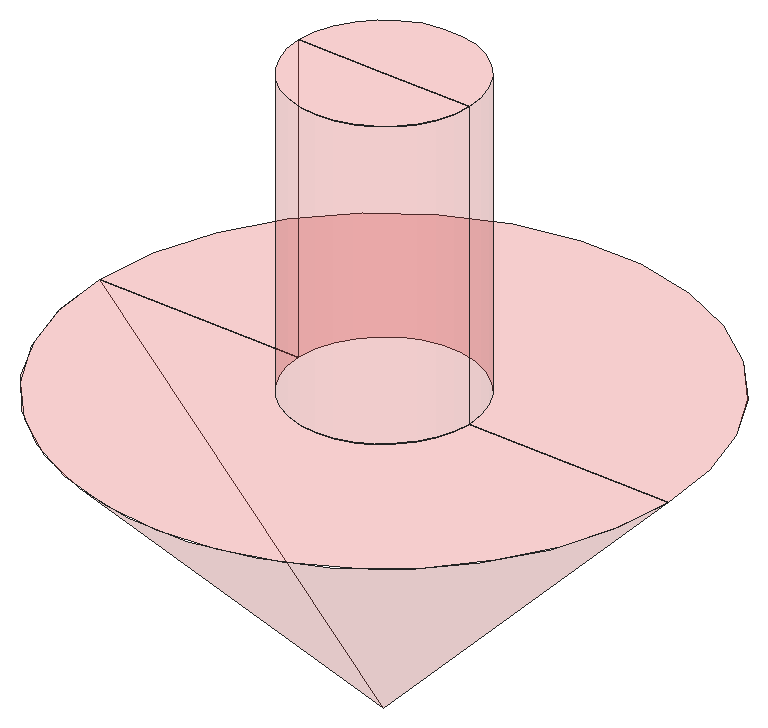
Revit family "SOP", category Generic Models, Revit 2013
Parameters
  Z [instance] = 0 mm
  Y [instance] = 0 mm
  X [instance] = 0 mm
  Point_Number [instance] = ""
  Host [instance] = 0 mm
Reference planes
  plane 1 "Center (Front/Back)": y = 0
  plane 2: z = 0
  plane 3 "Center (Left/Right)": x = 0
  plane 4: z = 100
  plane 5: z = 50
Forms (mm)
  Revolve 1, solid, material "SOP"
    sketch origin (0, 0, 0) x (1, 0, 0) y (0, 0, 1)
      loop
        line (0, 0) -> (0, 100) -> (-15, 100) -> (-15, 50) -> (-50, 50) -> (0, 0)
      axis (0, 100) -> (0, 0)
    angle from 0 to 360
Dimensions and locks
  aligned and locked: level to plane 2
  aligned and locked: Revolve 1 sketch curve to plane 5
  aligned and locked: Revolve 1 sketch curve to plane 4
  aligned and locked: Revolve 1 sketch curve to plane 3 "Center (Left/Right)"
  aligned and locked: Revolve 1 sketch curve to Revolve 1 sketch curve
